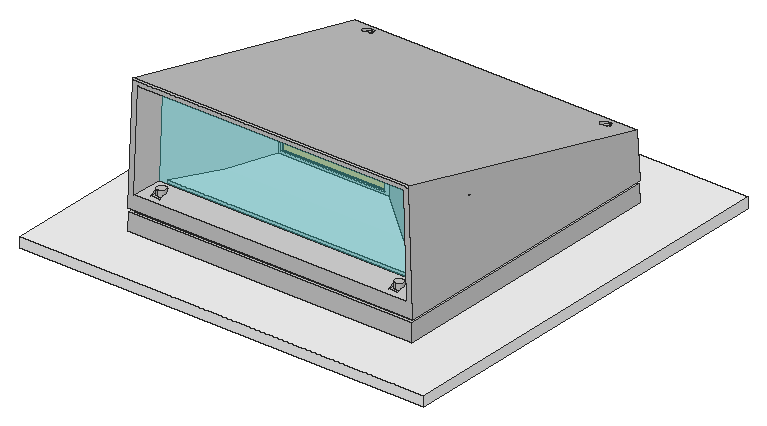
Revit family "BE_33243_de_DE", category Leuchten, Revit 2020
Family settings
  Basisbauteil = Fläche
  Bemaßung runder Anschluss = Durchmesser verwenden
  Teiletyp = Normal
  Beim Laden mit Abzugskörper schneiden = Ja
  Lichtquelle = Ja
  Gemeinsam genutzt = Nein
  Raumberechnungspunkt = Ja
Parameters (values of type "BEGA_33243_Silber_K4")
  built-in parameter 1150104 = 12.045 (stored number, unit not read)
  Wattage = 42.5 W
  Default Elevation = 0 mm
  built-in parameter 1150113 = 1 (stored number, unit not read)
  built-in parameter 1114218 = 1 (stored number, unit not read)
  Umgebungstemperatur = "25 °C"
  URL = "https://www.bega.com/de/produkt/33243"
  Typenkommentare = "© 2022 BEGA. Wir behalten uns das Recht vor, technische Änderungen ohne vorherige Ankündigung vorzunehmen."  # constant formula
  Type Image = 33243.png
  built-in parameter 1150134 = 12
  built-in parameter 1150109 = 1 (stored number, unit not read)
  Strom = ""
  built-in parameter 1150110 = 1 (stored number, unit not read)
  Spannung = 239.996 V
  Sonderanfertigung = no
  Seriennummer [instance] = "Hier können Sie die eindeutige Seriennummer für das Facility Management eintragen."
  Schutzklasse = "I"
  Schutzart = "IP 65"
  Scheinlast = 0 VA
  Produktdatenblatt = "https://cdn.bega.com/bega/products/33243AK4/current/documents/data-sheets/de"
  Oberflächentemperatur = ""
  Neigungswinkel = 0.00°
  Modell = "33243AK4"
  Material_18 = BEGA_Gummi_schwarz
  Material_17 = BEGA_Reflektor
  Material_15 = BEGA_Leuchtmedium_matt
  Material_11 = BEGA_Glas_opal
  Material_09 = BEGA_Glas_klar
  Material_06 = BEGA_Oberfläche_Edelstahl_gebürstet
  Material_03 = BEGA_Oberfläche_Weiss_matt
  Material_02 = BEGA_Oberfläche_Silber_matt
  Material_01 [instance] = BEGA_Oberfläche_Grafit_matt
  M_W = no
  M_G = no
  M_A = yes
  Logo = 0
  built-in parameter 1114217 = 1 (stored number, unit not read)
  built-in parameter 1150139 = (empty or 0)
  built-in parameter 1150105 = 438.48 (stored number, unit not read)
  built-in parameter 1150114 = 1 (stored number, unit not read)
  Lumens = 5510.12 lm
  built-in parameter 1150115 = 1 (stored number, unit not read)
  Leuchtenlichtstrom = "4355 lm"
  Leuchtenanzahl = ""
  Lebensdauerkriterien = "L70B50 @ 25 °C = 200000 h"
  Lastklassifizierung = Beleuchtung
  built-in parameter 1150112 = 1 (stored number, unit not read)
  Lampenlichtstrom = "5990 lm"
  Lampe = "LED 29.8 W"
  LED_Modulbezeichnung = "LED-0315/840"
  built-in parameter 1150142 = (empty or 0)
  Hersteller = "BEGA"  # constant formula
  Halbstreuwinkel = ""
  Gewicht = "3.85 kg"
  Gebrauchslageneinschränkung [instance] = ""
  Frequenz = "0/50-60 Hz"
  Farbwiedergabeindex = "CRI > 80"
  Farbtemperaturverschiebung bei Dämpfen der Lampe = <Keine Auswahl>
  Farbtemperatur = "4000 K"
  Color Filter = 16777215
  built-in parameter 1150133 = 10 (stored number, unit not read)
  Energieeffizienzklasse = "LED A++ - A"
  built-in parameter 1150137 = (empty or 0)
  built-in parameter 1150132 = (empty or 0)
  ENEC = "ja"
  Dimmbar [instance] = "DALI"
  Datei für fotometrisches Netz = "BE_33243K4.IES"
  CE_Konformität = "ja"
  Bestellnummer = "33243AK4"
  Beschreibung_Sonderanfertigung = "Hier können Sie Informationen zur Sonderanfertigung eintragen."
  Beschreibung = "Wandleuchte"
  built-in parameter 1150106 = 4.3848 (stored number, unit not read)
  Befestigungsbohrung = "Ø 5 mm"
  Befestigungsabstand = "240 mm"
  Ballwurfsicher = ""
  BEGA_Intern_aus = yes
  BEGA_Intern_an = yes
  BEGA_Intern_Konstruktion = yes
  BEGA_Intern = yes
  BEGA_IES = yes
  BEGA_Dummy = no
  Anschlussleitung = ""
  Anschlussleistung [instance] = "34 W"
  built-in parameter 1150107 = 4000 (stored number, unit not read)
  built-in parameter 1150102 = (empty or 0)
  built-in parameter 1150138 = (empty or 0)
  Aktualisierung = "2022-05-18T04:00:07"
  Abstand_zur_angestrahlten_Fläche [instance] = ""
  AC/DC = "AC/DC"
Types (4, lengths in mm): name | built-in parameter 1150104 | built-in parameter 1150134 | Modell | M_G | M_A | built-in parameter 1150105 | Lumens | Leuchtenlichtstrom | Lampenlichtstrom | LED_Modulbezeichnung | Farbtemperatur | Datei für fotometrisches Netz | Bestellnummer | built-in parameter 1150106 | built-in parameter 1150107
  BEGA_33243_Grafit_K4 | 12.045 (stored number, unit not read) | 12 | "33243K4" | yes | no | 438.48 (stored number, unit not read) | 5510.12 lm | "4355 lm" | "5990 lm" | "LED-0315/840" | "4000 K" | "BE_33243K4.IES" | "33243K4" | 4.3848 (stored number, unit not read) | 4000 (stored number, unit not read)
  BEGA_33243_Grafit_K3 | 11.214 (stored number, unit not read) | (empty or 0) | "33243K3" | yes | no | 408.25 (stored number, unit not read) | 5130.17 lm | "4234 lm" | "5825 lm" | "LED-0315/830" | "3000 K" | "BE_33243K3.IES" | "33243K3" | 4.0825 (stored number, unit not read) | 3000 (stored number, unit not read)
  BEGA_33243_Silber_K3 | 11.214 (stored number, unit not read) | (empty or 0) | "33243AK3" | no | yes | 408.25 (stored number, unit not read) | 5130.17 lm | "4234 lm" | "5825 lm" | "LED-0315/830" | "3000 K" | "BE_33243K3.IES" | "33243AK3" | 4.0825 (stored number, unit not read) | 3000 (stored number, unit not read)
  BEGA_33243_Silber_K4 | 12.045 (stored number, unit not read) | 12 | "33243AK4" | no | yes | 438.48 (stored number, unit not read) | 5510.12 lm | "4355 lm" | "5990 lm" | "LED-0315/840" | "4000 K" | "BE_33243K4.IES" | "33243AK4" | 4.3848 (stored number, unit not read) | 4000 (stored number, unit not read)
Reference planes
  plane 1 "Mitte (Vorne/Hinten)": y = 0
  plane 2: z = 0
  plane 3 "Mitte (Links/Rechts)": x = 0
  plane 4 "Links": x = -140.75
  plane 5 "Rechts": x = 140.75
  plane 6 "Unten": y = -140.69
  plane 7 "Oben": y = 140.69
  plane 8 "Vorne": z = 136.287
  plane 9 "Hinten": z = 0
Forms (mm)
  Extrusion 1, solid, material "BEGA_Platte_Weiss"
    sketch origin (0, -1119.2, 0) x (1, 0, 0) y (0, 1, 0)
      loop
        line (-200, 1319.2) -> (-200, 919.2) -> (200, 919.2) -> (200, 1319.2) -> (-200, 1319.2)
    from 0 to -10
  Extrusion 2, solid, material "BEGA_Dummy_matt", visible <- "BEGA_Dummy"
    sketch origin (80.095, -76.023, 0) x (1, 0, 0) y (0, 1, 0)
      loop
        line (-220.845, 216.713) -> (-220.845, -64.667) -> (60.655, -64.667) -> (60.655, 216.713) -> (-220.845, 216.713)
    from 0 to 136.287
Dimensions and locks
  plane 1 "Mitte (Vorne/Hinten)" to Extrusion 1 = 200 mm
  aligned and locked: plane 2 to Extrusion 1
  aligned and locked: level to Extrusion 1
Nested families
  nested 1: "BE_33243" at (0, 0, 0) x (0, 1, 0) z (0, 0, 1), type "BE_33243"
Connectors
  electrical at (0, 0, 0), driven by "Lastklassifizierung", driven by "Spannung", driven by "Scheinlast"
    settings: index 1, voltage 239.996 V, apparent load 0 VA, apparent load phase1 0 VA, apparent load phase2 0 VA, apparent load phase3 0 VA, power factor 1, load classification "Beleuchtung", number of poles 1, system type 31, power factor state 1, is connector primary yes, connector utility no, sub classification motor no, connector description ""
Definition of nested family "BE_33243"
  Parameters (values of type "BE_33243")
    Default Elevation = 1 mm
    URL = "http://www.bega.de/de/produkt"
    Type Comments = "© 2015 BEGA. Wir behalten uns das Recht vor, technische Änderungen ohne vorherige Ankündigung vorzunehmen. "  # constant formula
    Type Image = (empty or 0)
    Material_18 = none
    Material_17 = none
    Material_15 = none
    Material_11 = none
    Material_09 = none
    Material_06 = none
    Material_03 = none
    Material_02 = none
    Material_01 = none
    M_W = yes
    M_G = yes
    M_A = yes
    Länge_Platte = 400 mm  # constant formula
    Höhe_Platte = -10 mm  # constant formula
    Manufacturer = "BEGA"  # constant formula
    Breite_Platte = 400 mm  # constant formula
  Reference planes
    plane 1 "Mitte (Oben/Unten)": y = 0
    plane 2: z = 0
    plane 3 "Mitte (Links/Rechts)": x = 0
    plane 4: x = -140.69
    plane 5: z = 136.287
    plane 6: x = 140.69
    plane 7: y = 140.69
    plane 8: y = -140.69
  Forms (mm)
    Extrusion 1, solid, detail levels medium
      sketch origin (0, 0, 0) x (1, 0, 0) y (0, 1, 0)
        loop
          line (-200, 200) -> (-200, -200) -> (200, -200) -> (200, 200) -> (-200, 200)
      from 0 to -10 <- "Höhe_Platte"
    Extrusion 2, solid, material <- "Material_01", visible <- "M_G", detail levels medium+fine
      sketch origin (0, 0, 0) x (1, 0, 0) y (0, 0, 1)
        loop
          line (-140, 20.076) -> (140, 20.076) -> (138.429, 65.076) -> (-138.751, 136.255)
          arc (-138.751, 136.255) -> (-139.613, 136.077) -> (-140, 135.287) r 1
          line (-140, 135.287) -> (-140, 20.076)
      from -140.75 to 140.75
    Sweep 3, solid, material <- "Material_01", visible <- "M_G", detail levels medium+fine
      path origin (0, 0, 0) x (1, 0, 0) y (0, 1, 0)
        loop
          line (140.69, -140.69) -> (140.69, 140.69) -> (-140.69, 140.69) -> (-140.69, -140.69) -> (140.69, -140.69)
      profile origin (140.69, 0, 0) x (-1, 0, 0) y (0, 0, 1)
        loop
          line (0, 0) -> (2.417, 0) -> (3.187, 11) -> (51.69, 11) -> (51.69, 13.8) -> (17.671, 13.8) -> (17.354, 22.894) -> (4.246, 22.894) -> (4.034, 16.8) -> (0.587, 16.8) -> (0, 0)
    Extrusion 4, void
      sketch origin (0, 0, 0) x (1, 0, 0) y (0, 1, 0)
        loop
          circle (30, 120) r 8.5
        loop
          circle (55.5, 120) r 8.5
        loop
          circle (0, 120) r 5
        loop
          circle (0, -120) r 5
      from 0 to 22.894
    Extrusion 5, void
      sketch origin (0, 0, 0) x (0, 1, 0) y (0, 0, 1)
        loop
          line (-141.388, 1.819) -> (-136.388, 145) -> (-141.388, 145) -> (-141.388, 1.819)
        loop
          line (141.388, 1.819) -> (141.388, 145) -> (136.388, 145) -> (141.388, 1.819)
      from -143.18 to 143.793
    Blend 6, void
      base sketch origin (0, 0, 0) x (0, 1, 0) y (0, 0, 1)
        loop
          line (123.277, 119.287) -> (-123.277, 119.287) -> (-126.001, 41.287) -> (126.001, 41.287) -> (123.277, 119.287)
      top sketch origin (0, 0, 0) x (0, 1, 0) y (0, 0, 1)
        loop
          line (131.828, 132.287) -> (-131.828, 132.287) -> (-135.286, 33.287) -> (135.286, 33.287) -> (131.828, 132.287)
      from -118.675 to -141.282
    Extrusion 7, void
      sketch origin (0, 0, 0) x (1, 0, 0) y (0, 0, 1)
        loop
          line (-120.033, 128.867) -> (-120.033, 16.8) -> (122.367, 16.8) -> (122.367, 66.62) -> (-120.033, 128.867)
      from -135.688 to 135.892
    Extrusion 8, solid, material <- "Material_01", visible <- "M_G", detail levels medium+fine
      sketch origin (0, 0, 0) x (1, 0, 0) y (0, 0, 1)
        loop
          line (-89, 13.8) -> (-89, 11) -> (89, 11) -> (89, 13.8) -> (-89, 13.8)
      from -89 to 89
    Extrusion 9, solid, material <- "Material_09", detail levels medium+fine
      sketch origin (0, 0, 0) x (1, 0, 0) y (0, 0, 1)
        loop
          line (-119.919, 36.9) -> (-115.445, 36.9) -> (-115.445, 126.9) -> (-119.919, 126.9) -> (-119.919, 36.9)
      from -128.291 to 128.295
    Extrusion 10, solid
      sketch origin (0, 0, 0) x (1, 0, 0) y (0, 0, 1)
        loop
          line (-113.048, 123.792) -> (-113.101, 120.792)
          arc (-113.101, 120.792) -> (-86.766, 109.661) -> (-62.554, 94.456) r 177.895
          line (-62.554, 94.456) -> (-62.554, 65.609)
          arc (-62.554, 65.609) -> (-86.766, 50.403) -> (-113.101, 39.273) r 177.895
          line (-113.101, 39.273) -> (-113.048, 36.273) -> (-112.229, 36.273) -> (-112.229, 38.704)
          arc (-112.229, 38.704) -> (-85.935, 49.901) -> (-61.772, 65.164) r 177.895
          line (-61.772, 65.164) -> (-61.772, 94.901)
          arc (-61.772, 94.901) -> (-85.935, 110.164) -> (-112.229, 121.36) r 177.895
          line (-112.229, 121.36) -> (-112.229, 123.792) -> (-113.048, 123.792)
      from -135.688 to 135.892
    Extrusion 11, solid
      sketch origin (0, 0, 0) x (1, 0, 0) y (0, 1, 0)
        loop
          line (-60.25, -51.437) -> (-117.777, -130.437) -> (-117.154, -131.06) -> (-60.25, -52.915) -> (-60.25, -51.437)
        loop
          line (-60.25, 51.437) -> (-60.25, 52.915) -> (-117.154, 131.06) -> (-117.777, 130.437) -> (-60.25, 51.437)
      from 33.741 to 122.182
    Extrusion 12, void
      sketch origin (0, 0, 0) x (1, 0, 0) y (0, 0, 1)
        loop
          line (-110.905, 123.699) -> (-59.697, 96.471) -> (-59.697, 123.699) -> (-110.905, 123.699)
      from -104.078 to 106.602
    Extrusion 13, void
      sketch origin (0, 0, 0) x (1, 0, 0) y (0, 1, 0)
        loop
          line (-56.776, 51.437) -> (-65.494, 51.437) -> (-65.494, -51.437) -> (-56.776, -51.437) -> (-56.776, 51.437)
      from 68.287 to 91.919
    Extrusion 14, solid, material <- "Material_15", detail levels medium+fine
      sketch origin (0, 0, 0) x (1, 0, 0) y (0, 1, 0)
        loop
          line (-61.568, -50.102) -> (-60.485, -50.102) -> (-60.485, 50) -> (-61.568, 50) -> (-61.568, -50.102)
      from 69.509 to 90.812
    Extrusion 15, void
      sketch origin (0, 0, 0) x (1, 0, 0) y (0, 1, 0)
        loop
          arc (-127.853, 112.851) -> (-123.204, 117.5) -> (-127.853, 122.149) r 4.649
          line (-127.853, 122.149) -> (-141.936, 122.149) -> (-141.936, 112.851) -> (-127.853, 112.851)
        loop
          line (-127.853, -112.851) -> (-141.936, -112.851) -> (-141.936, -122.149) -> (-127.853, -122.149)
          arc (-127.853, -122.149) -> (-123.204, -117.5) -> (-127.853, -112.851) r 4.649
      from 35.372 to 44.744
    Extrusion 16, solid, material <- "Material_06", detail levels fine
      sketch origin (0, 0, 0) x (1, 0, 0) y (0, 1, 0)
        loop
          circle (-127.831, -117.5) r 4.25
        loop
          circle (-127.831, 117.5) r 4.25
      from 35.372 to 40.369
    Revolve 17, void
      sketch origin (0, 117.5, 0) x (1, 0, 0) y (0, 0, 1)
        loop
          line (122.883, 69.651) -> (123.2, 60.576) -> (127.8, 60.576) -> (127.8, 68.388) -> (122.883, 69.651)
        axis (127.8, 69.651) -> (127.8, 60.576)
      angle from 0 to 360
    Revolve 18, void
      sketch origin (0, -117.5, 0) x (1, 0, 0) y (0, 0, -1)
        loop
          line (122.883, -69.651) -> (127.8, -68.388) -> (127.8, -60.576) -> (123.2, -60.576) -> (122.883, -69.651)
        axis (127.8, -69.651) -> (127.8, -60.576)
      angle from 0 to 360
    Extrusion 19, solid, material <- "Material_06", detail levels fine
      sketch origin (0, 0, 0) x (1, 0, 0) y (0, 1, 0)
        loop
          circle (127.8, 117.5) r 4.25
        loop
          circle (127.8, -117.5) r 4.25
      from 60.576 to 65.576
    Sweep 20, solid, material <- "Material_02", visible <- "M_A", detail levels medium+fine
      path origin (0, 0, 0) x (1, 0, 0) y (0, 1, 0)
        loop
          line (140.69, -140.69) -> (140.69, 140.69) -> (-140.69, 140.69) -> (-140.69, -140.69) -> (140.69, -140.69)
      profile origin (140.69, 0, 0) x (-1, 0, 0) y (0, 0, 1)
        loop
          line (0, 0) -> (2.417, 0) -> (3.187, 11) -> (51.69, 11) -> (51.69, 13.8) -> (17.671, 13.8) -> (17.354, 22.894) -> (4.246, 22.894) -> (4.034, 16.8) -> (0.587, 16.8) -> (0, 0)
    Extrusion 21, solid, material <- "Material_02", visible <- "M_A", detail levels medium+fine
      sketch origin (0, 0, 0) x (1, 0, 0) y (0, 0, 1)
        loop
          line (-89, 13.8) -> (-89, 11) -> (89, 11) -> (89, 13.8) -> (-89, 13.8)
      from -89 to 89
    Extrusion 22, solid, material <- "Material_02", visible <- "M_A", detail levels medium+fine
      sketch origin (0, 0, 0) x (1, 0, 0) y (0, 0, 1)
        loop
          line (-140, 20.076) -> (140, 20.076) -> (138.429, 65.076) -> (-138.751, 136.255)
          arc (-138.751, 136.255) -> (-139.613, 136.077) -> (-140, 135.287) r 1
          line (-140, 135.287) -> (-140, 20.076)
      from -140.75 to 140.75
  Cuts and joins
    Extrusion 4, Extrusion 5, Blend 6, Extrusion 7, Extrusion 13, Extrusion 15, Revolve 17, Revolve 18 cuts Extrusion 2
    Extrusion 4, Extrusion 7, Extrusion 13, Extrusion 15 cuts Sweep 3
    Extrusion 13, Extrusion 15 cuts Extrusion 8
    joined: Sweep 3, Extrusion 8
    Extrusion 12, Extrusion 13 cuts Extrusion 10
    Extrusion 12, Extrusion 13 cuts Extrusion 11
    joined: Extrusion 10, Extrusion 11
    Extrusion 4 cuts Sweep 20
    Extrusion 4 cuts Extrusion 21
    joined: Sweep 20, Extrusion 21
    Extrusion 5, Blend 6, Extrusion 7, Extrusion 15, Revolve 17, Revolve 18 cuts Extrusion 22
  Dimensions and locks
    equal spacing: Extrusion 1 sketch curve, plane 3 "Mitte (Links/Rechts)", Extrusion 1 sketch curve
    equal spacing: Extrusion 1 sketch curve, plane 1 "Mitte (Oben/Unten)", Extrusion 1 sketch curve
    "Länge_Platte": Extrusion 1 sketch curve to Extrusion 1 sketch curve
    "Breite_Platte": Extrusion 1 sketch curve to Extrusion 1 sketch curve
    aligned and locked: Extrusion 1 to plane 2
    aligned and locked: level to Extrusion 1
  Automatic sketch dimensions
    level to Extrusion 2 sketch curve = 20.076 mm
    Extrusion 2 sketch curve to plane 3 "Mitte (Links/Rechts)" = 140 mm
    Extrusion 2 sketch curve to Extrusion 2 sketch curve = 1 mm
    level to Extrusion 2 sketch curve = 65.076 mm
    plane 3 "Mitte (Links/Rechts)" to Extrusion 2 sketch curve = 138.429 mm
    Extrusion 2 sketch curve to Extrusion 2 sketch curve = 1.571 mm
    Extrusion 2 sketch curve to Extrusion 2 sketch curve = 115.211 mm
    Extrusion 2 sketch curve to Extrusion 2 sketch curve = 0.249 mm
    Extrusion 2 sketch curve to Extrusion 2 sketch curve = 0 mm  (x2)
    Sweep 3 sketch curve to plane 3 "Mitte (Links/Rechts)" = 140.69 mm
    plane 3 "Mitte (Links/Rechts)" to Sweep 3 sketch curve = 140.69 mm
    plane 1 "Mitte (Oben/Unten)" to Sweep 3 sketch curve = 140.69 mm
    Sweep 3 sketch curve to plane 1 "Mitte (Oben/Unten)" = 140.69 mm
    Sweep 3 sketch curve to level = 0 mm
    Sweep 3 sketch curve to profile plane = 0 mm
    Sweep 3 sketch curve to profile plane = 0.587 mm
    Sweep 3 sketch curve to profile plane = 2.417 mm
    Sweep 3 sketch curve to profile plane = 3.187 mm
    Sweep 3 sketch curve to Sweep 3 sketch curve = 3.447 mm
    Sweep 3 sketch curve to profile plane = 4.246 mm
    Sweep 3 sketch curve to Sweep 3 sketch curve = 13.107 mm
    Sweep 3 sketch curve to Sweep 3 sketch curve = 0.317 mm
    level to Sweep 3 sketch curve = 11 mm
    Sweep 3 sketch curve to Sweep 3 sketch curve = 34.019 mm
    Sweep 3 sketch curve to Sweep 3 sketch curve = 2.8 mm
    Sweep 3 sketch curve to Sweep 3 sketch curve = 5.8 mm
    Sweep 3 sketch curve to Sweep 3 sketch curve = 6.094 mm
    Extrusion 4 sketch curve to plane 3 "Mitte (Links/Rechts)" = 0 mm  (x2)
    Extrusion 4 sketch curve to Extrusion 4 sketch curve = 30 mm
    Extrusion 4 sketch curve to Extrusion 4 sketch curve = 25.5 mm
    plane 1 "Mitte (Oben/Unten)" to Extrusion 4 sketch curve = 120 mm
    Extrusion 4 sketch curve to plane 1 "Mitte (Oben/Unten)" = 120 mm
    Extrusion 4 sketch curve to Extrusion 4 sketch curve = 0 mm  (x2)
    level to Extrusion 5 sketch curve = 1.819 mm  (x2)
    plane 1 "Mitte (Oben/Unten)" to Extrusion 5 sketch curve = 141.388 mm
    Extrusion 5 sketch curve to Extrusion 5 sketch curve = 5 mm
    Extrusion 5 sketch curve to plane 1 "Mitte (Oben/Unten)" = 136.388 mm
    Extrusion 5 sketch curve to plane 1 "Mitte (Oben/Unten)" = 141.388 mm
    Extrusion 5 sketch curve to Extrusion 5 sketch curve = 143.181 mm  (x2)
    level to Blend 6 sketch curve = 41.287 mm
    plane 1 "Mitte (Oben/Unten)" to Blend 6 sketch curve = 126.001 mm
    Blend 6 sketch curve to Blend 6 sketch curve = 2.724 mm  (x2)
    Blend 6 sketch curve to plane 1 "Mitte (Oben/Unten)" = 123.277 mm
    Blend 6 sketch curve to Blend 6 sketch curve = 78 mm
    level to Blend 6 sketch curve = 33.287 mm
    plane 1 "Mitte (Oben/Unten)" to Blend 6 sketch curve = 135.286 mm
    Blend 6 sketch curve to Blend 6 sketch curve = 3.457 mm  (x2)
    Blend 6 sketch curve to plane 1 "Mitte (Oben/Unten)" = 131.828 mm
    Blend 6 sketch curve to Blend 6 sketch curve = 99 mm
    level to Extrusion 7 sketch curve = 16.8 mm
    Extrusion 7 sketch curve to plane 3 "Mitte (Links/Rechts)" = 120.033 mm
    plane 3 "Mitte (Links/Rechts)" to Extrusion 7 sketch curve = 122.367 mm
    Extrusion 7 sketch curve to Extrusion 7 sketch curve = 49.82 mm
    Extrusion 7 sketch curve to Extrusion 7 sketch curve = 112.067 mm
    level to Extrusion 8 sketch curve = 11 mm
    Extrusion 8 sketch curve to plane 3 "Mitte (Links/Rechts)" = 89 mm
    plane 3 "Mitte (Links/Rechts)" to Extrusion 8 sketch curve = 89 mm
    Extrusion 8 sketch curve to Extrusion 8 sketch curve = 2.8 mm
    Extrusion 9 sketch curve to plane 3 "Mitte (Links/Rechts)" = 119.919 mm
    Extrusion 9 sketch curve to Extrusion 9 sketch curve = 4.474 mm
    level to Extrusion 9 sketch curve = 36.9 mm
    Extrusion 9 sketch curve to Extrusion 9 sketch curve = 90 mm
    Extrusion 10 sketch curve to plane 3 "Mitte (Links/Rechts)" = 168.967 mm  (x2)
    Extrusion 10 sketch curve to level = 48.103 mm
    Extrusion 10 sketch curve to Extrusion 10 sketch curve = 0.416 mm  (x2)
    Extrusion 10 sketch curve to Extrusion 10 sketch curve = 55.45 mm
    level to Extrusion 10 sketch curve = 39.273 mm
    Extrusion 10 sketch curve to Extrusion 10 sketch curve = 0 mm
    Extrusion 10 sketch curve to Extrusion 10 sketch curve = 0.052 mm  (x2)
    level to Extrusion 10 sketch curve = 36.273 mm
    Extrusion 10 sketch curve to Extrusion 10 sketch curve = 0.819 mm
    Extrusion 10 sketch curve to Extrusion 10 sketch curve = 0.871 mm
    Extrusion 10 sketch curve to Extrusion 10 sketch curve = 49.675 mm
    Extrusion 10 sketch curve to Extrusion 10 sketch curve = 0.782 mm
    Extrusion 10 sketch curve to Extrusion 10 sketch curve = 0.72 mm
    Extrusion 10 sketch curve to Extrusion 10 sketch curve = 0.569 mm
    Extrusion 10 sketch curve to Extrusion 10 sketch curve = 26.459 mm
    Extrusion 10 sketch curve to Extrusion 10 sketch curve = 0.446 mm  (x2)
    Extrusion 10 sketch curve to Extrusion 10 sketch curve = 28.847 mm
    Extrusion 10 sketch curve to Extrusion 10 sketch curve = 2.431 mm
    Extrusion 11 sketch curve to plane 3 "Mitte (Links/Rechts)" = 117.777 mm  (x2)
    Extrusion 11 sketch curve to Extrusion 11 sketch curve = 0.623 mm  (x4)
    Extrusion 11 sketch curve to plane 3 "Mitte (Links/Rechts)" = 60.25 mm  (x2)
    plane 1 "Mitte (Oben/Unten)" to Extrusion 11 sketch curve = 131.06 mm
    plane 1 "Mitte (Oben/Unten)" to Extrusion 11 sketch curve = 52.915 mm
    Extrusion 11 sketch curve to Extrusion 11 sketch curve = 1.479 mm  (x2)
    Extrusion 11 sketch curve to plane 1 "Mitte (Oben/Unten)" = 51.437 mm
    Extrusion 11 sketch curve to Extrusion 11 sketch curve = 77.521 mm
    Extrusion 12 sketch curve to plane 3 "Mitte (Links/Rechts)" = 110.905 mm
    Extrusion 12 sketch curve to Extrusion 12 sketch curve = 51.208 mm
    level to Extrusion 12 sketch curve = 96.471 mm
    Extrusion 12 sketch curve to Extrusion 12 sketch curve = 27.228 mm
    Extrusion 13 sketch curve to plane 3 "Mitte (Links/Rechts)" = 65.494 mm
    Extrusion 13 sketch curve to Extrusion 13 sketch curve = 8.718 mm
    plane 1 "Mitte (Oben/Unten)" to Extrusion 13 sketch curve = 51.437 mm
    Extrusion 13 sketch curve to plane 1 "Mitte (Oben/Unten)" = 51.437 mm
    Extrusion 14 sketch curve to plane 3 "Mitte (Links/Rechts)" = 61.568 mm
    Extrusion 14 sketch curve to Extrusion 14 sketch curve = 1.083 mm
    plane 1 "Mitte (Oben/Unten)" to Extrusion 14 sketch curve = 50.102 mm
    Extrusion 14 sketch curve to plane 1 "Mitte (Oben/Unten)" = 50 mm
    Extrusion 15 sketch curve to plane 3 "Mitte (Links/Rechts)" = 141.936 mm  (x2)
    Extrusion 15 sketch curve to Extrusion 15 sketch curve = 14.083 mm  (x2)
    plane 1 "Mitte (Oben/Unten)" to Extrusion 15 sketch curve = 122.149 mm
    Extrusion 15 sketch curve to Extrusion 15 sketch curve = 4.649 mm  (x2)
    Extrusion 15 sketch curve to plane 1 "Mitte (Oben/Unten)" = 112.851 mm
    Extrusion 15 sketch curve to Extrusion 15 sketch curve = 0 mm
    Extrusion 16 sketch curve to plane 3 "Mitte (Links/Rechts)" = 127.831 mm  (x2)
    plane 1 "Mitte (Oben/Unten)" to Extrusion 16 sketch curve = 117.5 mm
    Extrusion 16 sketch curve to plane 1 "Mitte (Oben/Unten)" = 117.5 mm
    plane 3 "Mitte (Links/Rechts)" to Revolve 17 sketch curve = 122.883 mm
    level to Revolve 17 sketch curve = 60.576 mm
    Revolve 17 sketch curve to Revolve 17 sketch curve = 0.317 mm
    Revolve 17 sketch curve to Revolve 17 sketch curve = 4.917 mm
    Revolve 17 sketch curve to Revolve 17 sketch curve = 7.812 mm
    Revolve 17 sketch curve to Revolve 17 sketch curve = 1.263 mm
    Revolve 17 sketch curve to Revolve 17 sketch curve = 0 mm  (x3)
    plane 3 "Mitte (Links/Rechts)" to Revolve 18 sketch curve = 122.883 mm
    level to Revolve 18 sketch curve = 60.576 mm
    Revolve 18 sketch curve to Revolve 18 sketch curve = 0.317 mm
    Revolve 18 sketch curve to Revolve 18 sketch curve = 4.917 mm
    Revolve 18 sketch curve to Revolve 18 sketch curve = 7.812 mm
    Revolve 18 sketch curve to Revolve 18 sketch curve = 1.263 mm
    Revolve 18 sketch curve to Revolve 18 sketch curve = 0 mm  (x3)
    plane 3 "Mitte (Links/Rechts)" to Extrusion 19 sketch curve = 127.8 mm  (x2)
    plane 1 "Mitte (Oben/Unten)" to Extrusion 19 sketch curve = 117.5 mm
    Extrusion 19 sketch curve to plane 1 "Mitte (Oben/Unten)" = 117.5 mm
    Sweep 20 sketch curve to plane 3 "Mitte (Links/Rechts)" = 140.69 mm
    plane 3 "Mitte (Links/Rechts)" to Sweep 20 sketch curve = 140.69 mm
    plane 1 "Mitte (Oben/Unten)" to Sweep 20 sketch curve = 140.69 mm
    Sweep 20 sketch curve to plane 1 "Mitte (Oben/Unten)" = 140.69 mm
    Sweep 20 sketch curve to level = 0 mm
    Sweep 20 sketch curve to profile plane = 0 mm
    Sweep 20 sketch curve to profile plane = 0.587 mm
    Sweep 20 sketch curve to profile plane = 2.417 mm
    Sweep 20 sketch curve to profile plane = 3.187 mm
    Sweep 20 sketch curve to Sweep 20 sketch curve = 3.447 mm
    Sweep 20 sketch curve to profile plane = 4.246 mm
    Sweep 20 sketch curve to Sweep 20 sketch curve = 13.107 mm
    Sweep 20 sketch curve to Sweep 20 sketch curve = 0.317 mm
    level to Sweep 20 sketch curve = 11 mm
    Sweep 20 sketch curve to Sweep 20 sketch curve = 34.019 mm
    Sweep 20 sketch curve to Sweep 20 sketch curve = 2.8 mm
    Sweep 20 sketch curve to Sweep 20 sketch curve = 5.8 mm
    Sweep 20 sketch curve to Sweep 20 sketch curve = 6.094 mm
    level to Extrusion 21 sketch curve = 11 mm
    Extrusion 21 sketch curve to plane 3 "Mitte (Links/Rechts)" = 89 mm
    plane 3 "Mitte (Links/Rechts)" to Extrusion 21 sketch curve = 89 mm
    Extrusion 21 sketch curve to Extrusion 21 sketch curve = 2.8 mm
    level to Extrusion 22 sketch curve = 20.076 mm
    Extrusion 22 sketch curve to plane 3 "Mitte (Links/Rechts)" = 140 mm
    Extrusion 22 sketch curve to Extrusion 22 sketch curve = 1 mm
    level to Extrusion 22 sketch curve = 65.076 mm
    plane 3 "Mitte (Links/Rechts)" to Extrusion 22 sketch curve = 138.429 mm
    Extrusion 22 sketch curve to Extrusion 22 sketch curve = 1.571 mm
    Extrusion 22 sketch curve to Extrusion 22 sketch curve = 115.211 mm
    Extrusion 22 sketch curve to Extrusion 22 sketch curve = 0.249 mm
    Extrusion 22 sketch curve to Extrusion 22 sketch curve = 0 mm  (x2)
    radius of Extrusion 4 sketch curve = 8.5 mm  (x2)
    radius of Extrusion 4 sketch curve = 5 mm  (x2)
    radius of Extrusion 16 sketch curve = 4.25 mm  (x2)
    radius of Extrusion 19 sketch curve = 4.25 mm  (x2)
